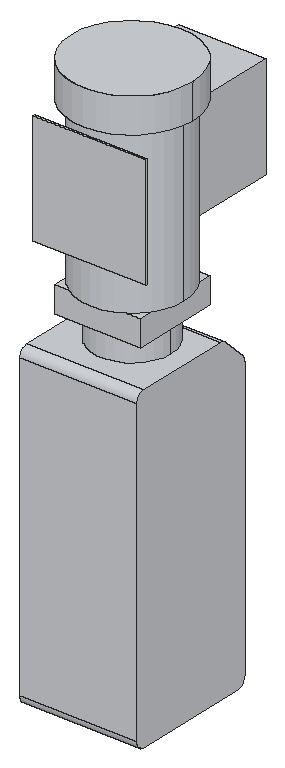
Revit family "Powerlift_Standard_Pump_3HP_5HP", category Generic Models, Revit 2026
Family settings
  Can host rebar = No
  Round Connector Dimension = Use Diameter
  Part Type = Normal
  Work Plane-Based = No
  Always vertical = Yes
  Cut with Voids When Loaded = No
  Maintain Annotation Orientation = No
  Shared = No
  Room Calculation Point = No
Parameters
  Default Elevation = 0' - 0"
Reference planes (in)
  plane 1 "Center (Front/Back)": y = 0
  plane 2: z = 0
  plane 3 "Center (Left/Right)": x = 0
  plane 4 "Top of Pump": z = 60
Forms (in)
  Extrusion 1, solid
    sketch origin (0, 0, 0) x (1, 0, 0) y (0, 1, 0)
      loop
        line (5, 5.6) -> (0, 5.6) -> (0, 0.6) -> (5, 0.6) -> (5, 5.6)
    from 47 to 48.5
  Extrusion 2, solid
    sketch origin (0, 0, 0) x (1, 0, 0) y (0, 1, 0)
      loop
        circle (2.5, 3.1) r 3.5
    from 58 to 60
  Extrusion 3, solid
    sketch origin (0, 0, 0) x (1, 0, 0) y (0, 1, 0)
      loop
        circle (2.5, 3.1) r 3
    from 48.5 to 58
  Extrusion 4, solid
    sketch origin (0, 0, 0) x (1, 0, 0) y (0, 1, 0)
      loop
        line (5, 9.6) -> (0, 9.6) -> (0, 4.30309) -> (5, 4.30309) -> (5, 9.6)
    from 52 to 58
  Extrusion 5, solid
    sketch origin (0, 0, 0) x (1, 0, 0) y (0, 1, 0)
      loop
        circle (2.5, 3.1) r 2.25
    from 42.57486 to 47
  Extrusion 6, solid
    sketch origin (0, 0, 0) x (1, 0, 0) y (0, 1, 0)
      loop
        line (-0.75, 0.1) -> (-0.75, 0) -> (5.75, 0) -> (5.75, 0.1) -> (-0.75, 0.1)
    from 50.75 to 57.25
  Extrusion 7, solid
    sketch origin (0, 0, 0) x (0, 1, 0) y (0, 0, 1)
      loop
        line (6.83019, 44.14481) -> (5.62153, 45.35347)
        arc (5.62153, 45.35347) -> (5.45932, 45.46186) -> (5.26798, 45.49992) r 0.5
        line (5.26798, 45.49992) -> (-0.27649, 45.49992)
        arc (-0.27649, 45.49992) -> (-0.63004, 45.35347) -> (-0.77649, 44.99992) r 0.5
        line (-0.77649, 44.99992) -> (-0.77649, 27.50249)
        arc (-0.77649, 27.50249) -> (-0.63004, 27.14894) -> (-0.27649, 27.00249) r 0.5
        line (-0.27649, 27.00249) -> (6.47664, 27.00249)
        arc (6.47664, 27.00249) -> (6.83019, 27.14894) -> (6.97664, 27.50249) r 0.5
        line (6.97664, 27.50249) -> (6.97664, 43.79125)
        arc (6.97664, 43.79125) -> (6.93858, 43.98259) -> (6.83019, 44.14481) r 0.5
    from -0.8795 to 5.87616
  Extrusion 8, solid
    sketch origin (0.875, 7.21872, 45.8776) x (0, -0.707107, 0.707107) y (1, 0, 0)
      loop
        circle (0, 0) r 1
    from -1.5 to 0
Cuts and joins
  joined: Extrusion 3, Extrusion 4
  joined: Extrusion 5, Extrusion 7
Dimensions and locks (in)
  locked: plane 4 "Top of Pump" to level at 60
  aligned and locked: plane 2 to level
